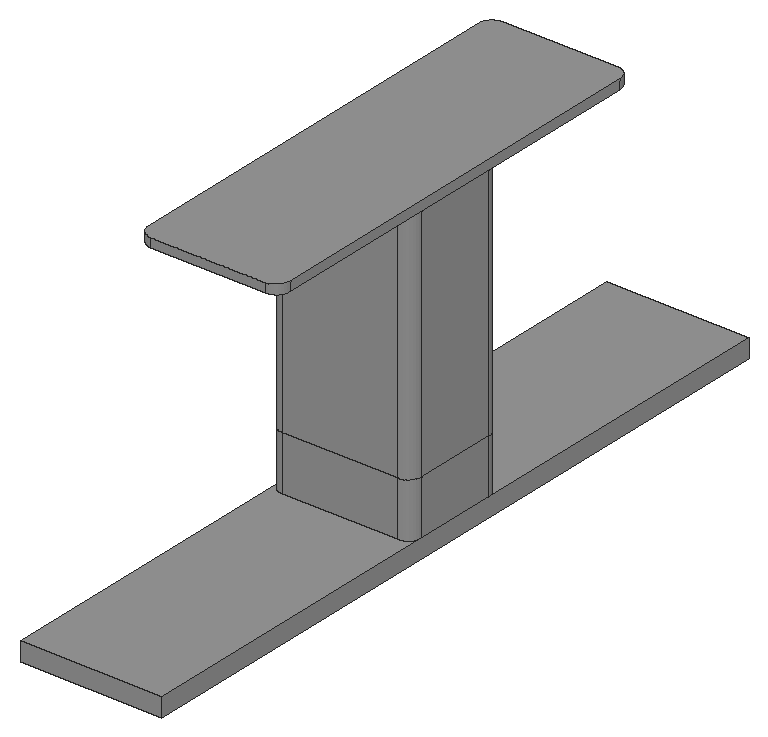
Revit family "Haworth_ActiveComponents_Stanchion_BUILD", category Furniture Systems, Revit 2015
Parameters (values of type "Stanchion")
  Worksurface Mounting Plate [instance] = yes
  Warranty = "https://www.haworth.com/resources/product-info/warranties"
  URL - Product = "https://www.haworth.com/products/workspaces/accessories/active-components"
  URL = "http://www.haworth.com/"
  Trim Finish [instance] = Haworth _ Metal _ Stainless Steel
  Size = "Verify Final Dim. w/ Haworth"  # constant formula
  Revision Number = "1"  # constant formula
  Model = "AUSK"  # constant formula
  Manufacturer = "Haworth"  # constant formula
  Description = "Haworth - Active Components - Stanchion"  # constant formula
  Author = "Haworth (Alias)"  # constant formula
  Assembly Code = "E2020200"
  Actual Width = 1 15/16"  # constant formula
  Actual Mounting Height = 29"
  Actual Height = 4 3/8"
  Actual Depth = 6"  # constant formula
Reference planes (in)
  plane 1: z = 0
  plane 2 "Center L/R": x = 7.78125
  plane 3 "Left Edge": x = 6.8125
  plane 4 "Right Edge": x = 8.75
  plane 5 "Back": y = -6.86431
  plane 6 "Front": y = -12.86431
  plane 7 "Center F/B": y = -9.86431
  plane 8: z = 29
  plane 9: z = 29.25
  plane 10 "Top": z = 33.375
  plane 11: z = 33.25
  plane 12: z = 30
Forms (in)
  Extrusion 1, solid, material "Haworth _ Metal _ Stainless Steel" <- "Trim Finish", visible <- "Worksurface Mounting Plate"
    sketch origin (0, 0, 0) x (1, 0, 0) y (0, 1, 0)
      loop
        line (6.8125, -4.86431) -> (6.8125, -14.86431) -> (8.75, -14.86431) -> (8.75, -4.86431) -> (6.8125, -4.86431)
    from 29 to 29.25
  Extrusion 2, solid, material "Haworth _ Metal _ Stainless Steel" <- "Trim Finish"
    sketch origin (0, 0, 0) x (1, 0, 0) y (0, 1, 0)
      loop
        arc (7, -9.1101) -> (6.86742, -9.16502) -> (6.8125, -9.2976) r 0.1875
        line (6.8125, -9.2976) -> (6.8125, -10.43102)
        arc (6.8125, -10.43102) -> (6.86742, -10.56361) -> (7, -10.61852) r 0.1875
        line (7, -10.61852) -> (8.5625, -10.61852)
        arc (8.5625, -10.61852) -> (8.69508, -10.56361) -> (8.75, -10.43102) r 0.1875
        line (8.75, -10.43102) -> (8.75, -9.2976)
        arc (8.75, -9.2976) -> (8.69508, -9.16502) -> (8.5625, -9.1101) r 0.1875
        line (8.5625, -9.1101) -> (7, -9.1101)
    from 29.25 to 30
  Extrusion 3, solid, material "Haworth _ Metal _ Stainless Steel" <- "Trim Finish"
    sketch origin (0, 0, 0) x (1, 0, 0) y (0, 1, 0)
      loop
        arc (7, -9.1101) -> (6.86742, -9.16502) -> (6.8125, -9.2976) r 0.1875
        line (6.8125, -9.2976) -> (6.8125, -10.43102)
        arc (6.8125, -10.43102) -> (6.86742, -10.56361) -> (7, -10.61852) r 0.1875
        line (7, -10.61852) -> (8.5625, -10.61852)
        arc (8.5625, -10.61852) -> (8.69508, -10.56361) -> (8.75, -10.43102) r 0.1875
        line (8.75, -10.43102) -> (8.75, -9.2976)
        arc (8.75, -9.2976) -> (8.69508, -9.16502) -> (8.5625, -9.1101) r 0.1875
        line (8.5625, -9.1101) -> (7, -9.1101)
    from 30 to 33.25
  Extrusion 4, solid, material "Haworth _ Metal _ Stainless Steel" <- "Trim Finish"
    sketch origin (0, 0, 0) x (1, 0, 0) y (0, 1, 0)
      loop
        arc (7, -6.86431) -> (6.86742, -6.91923) -> (6.8125, -7.05181) r 0.1875
        line (6.8125, -7.05181) -> (6.8125, -12.67681)
        arc (6.8125, -12.67681) -> (6.86742, -12.80939) -> (7, -12.86431) r 0.1875
        line (7, -12.86431) -> (8.5625, -12.86431)
        arc (8.5625, -12.86431) -> (8.69508, -12.80939) -> (8.75, -12.67681) r 0.1875
        line (8.75, -12.67681) -> (8.75, -7.05181)
        arc (8.75, -7.05181) -> (8.69508, -6.91923) -> (8.5625, -6.86431) r 0.1875
        line (8.5625, -6.86431) -> (7, -6.86431)
    from 33.25 to 33.375
Lines and regions (in)
  Masking region 1
    outline origin (0, 0, 0) x (1, 0, 0) y (0, 1, 0)
      loop
        arc (7, -6.86431) -> (6.86742, -6.91923) -> (6.8125, -7.05181) r 0.1875
        line (6.8125, -7.05181) -> (6.8125, -12.67681)
        arc (6.8125, -12.67681) -> (6.86742, -12.80939) -> (7, -12.86431) r 0.1875
        line (7, -12.86431) -> (8.5625, -12.86431)
        arc (8.5625, -12.86431) -> (8.69508, -12.80939) -> (8.75, -12.67681) r 0.1875
        line (8.75, -12.67681) -> (8.75, -7.05181)
        arc (8.75, -7.05181) -> (8.69508, -6.91923) -> (8.5625, -6.86431) r 0.1875
        line (8.5625, -6.86431) -> (7, -6.86431)
Dimensions and locks (in)
  "Actual Width": plane 3 "Left Edge" to plane 4 "Right Edge"
  equal spacing: plane 3 "Left Edge", plane 2 "Center L/R", plane 4 "Right Edge"
  "Actual Depth": plane 5 "Back" to plane 6 "Front"
  equal spacing: plane 5 "Back", plane 7 "Center F/B", plane 6 "Front"  (x2)
  "Actual Mounting Height": plane 8 to plane 1
  locked: plane 10 "Top" to plane 11 at 0.125
  "Actual Height": plane 10 "Top" to plane 8
  locked: plane 9 to plane 8 at 0.25
  locked: plane 12 to plane 9 at 0.75
  locked: plane 7 "Center F/B" to Extrusion 1 sketch curve at 5  (x2)
  locked: plane 7 "Center F/B" to Extrusion 2 sketch curve at 0.75421
  locked: Extrusion 2 sketch curve to plane 7 "Center F/B" at 0.75421
  locked: Extrusion 3 sketch curve to plane 7 "Center F/B" at 0.75421  (x2)
  aligned and locked: plane 3 "Left Edge" to Extrusion 1 sketch curve
  aligned and locked: Extrusion 1 sketch curve to plane 4 "Right Edge"
  aligned: Extrusion 1 to level
  aligned and locked: Extrusion 3 to plane 11
  aligned and locked: plane 9 to Extrusion 1
  aligned and locked: Extrusion 1 to plane 8
  aligned and locked: Extrusion 3 to plane 12
  aligned and locked: plane 12 to Extrusion 2
  aligned and locked: Extrusion 2 to plane 9
  aligned and locked: Extrusion 4 to plane 11
  aligned and locked: plane 10 "Top" to Extrusion 4
  aligned and locked: Extrusion 4 sketch curve to plane 4 "Right Edge"
  aligned and locked: Extrusion 4 sketch curve to plane 5 "Back"
  aligned and locked: Extrusion 4 sketch curve to plane 3 "Left Edge"
  aligned and locked: plane 6 "Front" to Extrusion 4 sketch curve
  aligned and locked: Extrusion 2 sketch curve to plane 3 "Left Edge"
  aligned and locked: Extrusion 2 sketch curve to plane 4 "Right Edge"
  aligned and locked: Extrusion 3 sketch curve to plane 4 "Right Edge"
  aligned and locked: Extrusion 3 sketch curve to plane 3 "Left Edge"
  aligned and locked: Masking region 1 sketch curve to plane 4 "Right Edge"
  aligned and locked: Masking region 1 sketch curve to plane 5 "Back"
  aligned and locked: plane 6 "Front" to Masking region 1 sketch curve
  aligned and locked: Masking region 1 sketch curve to plane 3 "Left Edge"
Automatic sketch dimensions
  Extrusion 4 sketch curve to plane 3 "Left Edge" = 3/16"  (x2)
  Extrusion 4 sketch curve to plane 4 "Right Edge" = 3/16"  (x2)
  Extrusion 2 sketch curve to Extrusion 2 sketch curve = 3/16"  (x3)
  Extrusion 2 sketch curve to plane 4 "Right Edge" = 3/16"
  Extrusion 3 sketch curve to Extrusion 3 sketch curve = 3/16"  (x2)
  Extrusion 3 sketch curve to plane 4 "Right Edge" = 3/16"  (x2)
  Masking region 1 sketch curve to plane 3 "Left Edge" = 3/16"  (x2)
  Masking region 1 sketch curve to plane 4 "Right Edge" = 3/16"  (x2)
